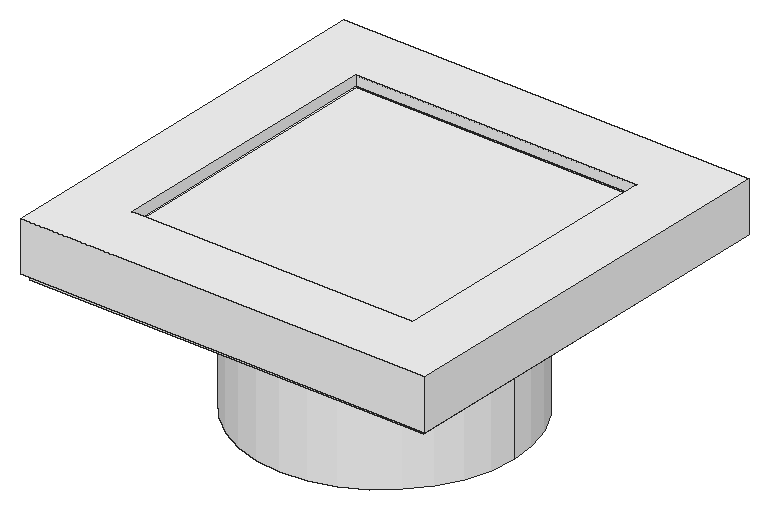
Revit family "Gira_0126600", category Electrical Fixtures, host Face, Revit 2017
Family settings
  Host = Face
  Maintain Annotation Orientation = Yes
  Round Connector Dimension = Use Diameter
  Part Type = Normal
  Cut with Voids When Loaded = No
  Shared = No
  Room Calculation Point = No
Parameters (values of type "Tastschalter AusWe System 55 Edelstahl")
  Zusammenstellung = "Basiselement mit zentraler Abdeckplatte"
  White [instance] = White
  Werkstoffgüte = "Thermoplast"
  Werkstoff = "sonstige"
  Waschmaschinenschalter = "No"
  URL = "http://katalog.gira.de/de_DE/datenblatt.html?artikelnr=0126600"
  Textfeld/Beschriftungsfläche = "nein"
  Tastschalter = "Yes"
  Schaltungsart = "Wechselschalter"
  Rückmeldekontakt = "No"
  Region = "DE"
  Oberfläche = "sonstige"
  Nennspannung = "250 Volt"
  Name = "Tastschalter AusWe System 55 Edelstahl"
  Montageart = "unter Putz"
  Model = "Sys55_Komplettgerät_Schalten und Tasten"
  Mit Montageplatte = "No"
  Manufacturer URL = "https://www.gira.de/"
  HeinzeBIM = "https://bimportal.heinze.de/bim/tastschalter-auswe-system-55-edelstahl/422d18ae74732eee5260244f6fc07975c4052c63"
  Halogenfrei = "No"
  HAN = "0126600"
  Geeignet für Schutzart (IP) = "IP20"
  GTIN = "4010337021742"
  Farbe = "edelstahl"
  Default Elevation = 1219.2 mm
  Data sheet (1) = "https://katalog.gira.de/de_DE/download.html?artikelnr=0126600"
  Category = "Installationsschalter"
  Bemessungsstrom = "10 Ampere"
  Beleuchtung = "nein"
  Befestigungsart = "Krallen-/Schraubbefestigung"
  Bedienungsart = "Wippe/Taste"
  Available = "Yes"
  Ausführung der Oberfläche = "glänzend"
  Anzahl der Module (bei Modulbauweise) = "1 "
  Anzahl der Betätigungswippen = "1 "
  Anschlussart = "Steckklemme"
Reference planes
  plane 1 "Center (Front/Back)": y = 0
  plane 2: z = 0
  plane 3 "Center (Left/Right)": x = 0
Forms (mm)
  Extrusion 1, solid, material "White" <- "White", detail levels medium
    sketch origin (0, 0, 0) x (1, 0, 0) y (0, 1, 0)
      loop
        line (-40.4, 40.4) -> (-40.4, -40.4) -> (40.4, -40.4) -> (40.4, 40.4) -> (-40.4, 40.4)
      loop
        line (-28, 28) -> (-28, -28) -> (28, -28) -> (28, 28) -> (-28, 28)
    from 0 to 10
  Extrusion 2, solid, material "White" <- "White", detail levels fine
    sketch origin (0, 0, 0) x (1, 0, 0) y (0, 1, 0)
      loop
        line (-40.4, 40.4) -> (-40.4, -40.4) -> (40.4, -40.4) -> (40.4, 40.4) -> (-40.4, 40.4)
      loop
        line (-28, 28) -> (-28, -28) -> (28, -28) -> (28, 28) -> (-28, 28)
    from 0 to 10
  Extrusion 3, void
    sketch origin (0, 0, 0) x (1, 0, 0) y (0, 1, 0)
      loop
        line (-38.4, 38.4) -> (-38.4, -38.4) -> (38.4, -38.4) -> (38.4, 38.4) -> (-38.4, 38.4)
    from 0 to 8
  Extrusion 4, solid, material "White" <- "White", detail levels medium+fine
    sketch origin (0, 0, 0) x (1, 0, 0) y (0, 1, 0)
      loop
        line (-39.4, 39.4) -> (-39.4, -39.4) -> (39.4, -39.4) -> (39.4, 39.4) -> (-39.4, 39.4)
    from 0 to -1
  Extrusion 5, solid, material "White" <- "White", detail levels medium+fine
    sketch origin (0, 0, 0) x (1, 0, 0) y (0, 1, 0)
      loop
        line (-35.5, 35.5) -> (-35.5, -35.5) -> (35.5, -35.5) -> (35.5, 35.5) -> (-35.5, 35.5)
    from -2 to -3
  Extrusion 6, solid, material "White" <- "White", detail levels medium+fine
    sketch origin (0, 0, 0) x (1, 0, 0) y (0, 1, 0)
      loop
        circle (0, 0) r 26
    from 0 to -27.5
  Extrusion 7, solid, material "White" <- "White", detail levels coarse
    sketch origin (0, 0, 0) x (1, 0, 0) y (0, 1, 0)
      loop
        line (-40.4, 40.4) -> (-40.4, -40.4) -> (40.4, -40.4) -> (40.4, 40.4) -> (-40.4, 40.4)
    from -27.5 to 10
Cuts and joins
  Extrusion 3 cuts Extrusion 2
Dimensions and locks
  aligned and locked: plane 2 to host face
  aligned and locked: level to host face
  aligned and locked: plane 3 "Center (Left/Right)" to nested 2
  aligned and locked: plane 1 "Center (Front/Back)" to nested 2
Nested families
  nested 1: "Sys55_Abdeckung_Schalten und Tasten_floor_base" at (0, 0, 0), type "Sys55_Abdeckung_Schalten und Tasten_floor_base"
  nested 2: "Schalter" at (0, 0, 0), type "Schalter"
Connectors
  electrical at (0, 0, -27.5)
    settings: on Extrusion 6, index 1, voltage 220 V, apparent load 0 VA, apparent load phase1 0 VA, apparent load phase2 0 VA, apparent load phase3 0 VA, power factor 1, load classification "Other", number of poles 1, system type 30, power factor state 1, is connector primary yes, connector utility no, sub classification motor no, connector description ""
Definition of nested family "Sys55_Abdeckung_Schalten und Tasten_floor_base"
  Parameters
    Default Elevation = 1219.2 mm
    White [instance] = none
  Reference planes
    plane 1 "Center (Front/Back)": y = 0
    plane 2: z = 0
    plane 3 "Center (Left/Right)": x = 0
  Forms (mm)
    Extrusion 1, solid
      sketch origin (0, 0, 0) x (1, 0, 0) y (0, 1, 0)
        loop
          line (-1219.2, 1219.2) -> (-1219.2, -1219.2) -> (1219.2, -1219.2) -> (1219.2, 1219.2) -> (-1219.2, 1219.2)
      from 0 to -304.8
    Extrusion 2, solid, material <- "White", detail levels fine
      sketch origin (0, 0, 0) x (1, 0, 0) y (0, 1, 0)
        loop
          line (-27.5, 27.5) -> (-27.5, -27.5) -> (27.5, -27.5) -> (27.5, 27.5) -> (-27.5, 27.5)
      from 0 to 8
    Extrusion 3, void
      sketch origin (0, 0, 0) x (1, 0, 0) y (0, 1, 0)
        loop
          line (26, 26) -> (-26, 26) -> (-26, -26) -> (26, -26) -> (26, 26)
      from 0 to 6
    Extrusion 4, solid, material <- "White", detail levels medium
      sketch origin (0, 0, 0) x (1, 0, 0) y (0, 1, 0)
        loop
          line (-27.5, 27.5) -> (-27.5, -27.5) -> (27.5, -27.5) -> (27.5, 27.5) -> (-27.5, 27.5)
      from 0 to 8
    Extrusion 5, solid, material <- "White", detail levels medium
      sketch origin (0, 0, 0) x (1, 0, 0) y (0, 1, 0)
        loop
          line (11, -17.5) -> (11, 17.5) -> (-11, 17.5) -> (-11, -17.5) -> (11, -17.5)
      from -6 to 6
    Extrusion 6, solid, material <- "White", detail levels fine
      sketch origin (0, 0, 0) x (1, 0, 0) y (0, 1, 0)
        loop
          line (11, 17.5) -> (-11, 17.5) -> (-11, 16.5) -> (11, 16.5) -> (11, 17.5)
        loop
          line (-11, -16.5) -> (-11, -17.5) -> (11, -17.5) -> (11, -16.5) -> (-11, -16.5)
      from -4 to 6
    Extrusion 7, solid, material <- "White", detail levels fine
      sketch origin (0, 0, 0) x (1, 0, 0) y (0, 1, 0)
        loop
          arc (5, 9.347) -> (0, 10.6) -> (-5, 9.347) r 10.6
          line (-5, 9.347) -> (-5, -9.347)
          arc (-5, -9.347) -> (0, -10.6) -> (5, -9.347) r 10.6
          line (5, -9.347) -> (5, 9.347)
      from -6 to 6
    Extrusion 8, solid, material <- "White", detail levels coarse
      sketch origin (0, 0, 0) x (1, 0, 0) y (0, 1, 0)
        loop
          line (-27.5, 27.5) -> (-27.5, -27.5) -> (27.5, -27.5) -> (27.5, 27.5) -> (-27.5, 27.5)
      from -6 to 8
  Cuts and joins
    Extrusion 3 cuts Extrusion 2
  Dimensions and locks
    aligned and locked: plane 2 to Extrusion 1
    aligned and locked: level to Extrusion 1
Definition of nested family "Schalter"
  Reference planes
    plane 1: y = 0
    plane 2: x = 0
  Lines and regions (mm)
    detail lines
      curve 1: circle (1.375, 2.778, 0) r 0.8 normal (0, 0, 1)
      curve 2: line (1.021, 2.061, 0) -> (0, 0, 0)
      curve 3: line (0, 0, 0) -> (-0.538, 0.266, 0)
  Dimensions and locks
    curve 2 to curve 2 = 2.3 mm
    curve 3 to curve 2 = 0.6 mm
    radius of curve 1 = 0.8 mm
